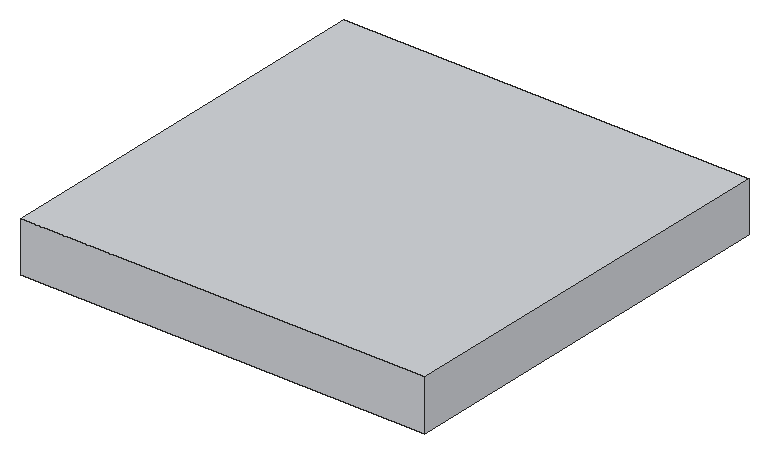
Revit family "CS4K-00X9AZOU05", category Luminarias, Revit 2019
Family settings
  Anfitrión = Cara
  Cota de conector redondo = Diámetro de uso
  Tipo de pieza = Normal
  Número OmniClass = 23.80.70.00
  Título OmniClass = Lighting
  Corte con vacíos al cargar = No
  Origen de luz = No
  Compartido = Sí
  Punto de cálculo de habitación = No
Parameters (values of type "CS4K-00X9AZOU05")
  Versión = "v1"
  Vatios (W) = 52
  Tipo de regulación = "ON-OFF"
  Tipo = "Pendant"
  Tender text (English) = "LEDS C4 Circular Downward ø900 Surface CS4K-00X9AZOU05  Pendant for indoor use.   For downlighting. Structure material: Aluminium. Structure finish: Black. Diffuser material: Polycarbonate. Diffuser finish: Opal. Warranty: 5 Years.  Product net weight (Kg): 5 Product width or diameter (mm): 900 Product height (mm): 3000  Class 1. IP: IP20. LED. No. of lampholders or LEDs: 1. Driver brand: MEANWELL. Maximum power of light source: 45.6W. Colour temperature: 4000K. Colour rendering index: 90. MacAdam Steps: 3. Hours of life: 50.000h L80B20. UGR: 12.1. Photobiological risk: RG0. Real flux (lm): 1748. Real lm/W: 34. Voltage / frequency range: 90-305/50-60Hz. Voltage: 3. Equipment included: Yes. Total power: 52. Power factor: 0.90. Dimmable equipment included: ON-OFF."
  Tender text (Castellano) = "LEDS C4 Circular Downward ø900 Surface CS4K-00X9AZOU05  Pendant for indoor use.   For downlighting. Structure material: Aluminium. Structure finish: Black. Diffuser material: Polycarbonate. Diffuser finish: Opal. Warranty: 5 Years.  Product net weight (Kg): 5 Product width or diameter (mm): 900 Product height (mm): 3000  Class 1. IP: IP20. LED. No. of lampholders or LEDs: 1. Driver brand: MEANWELL. Maximum power of light source: 45.6W. Colour temperature: 4000K. Colour rendering index: 90. MacAdam Steps: 3. Hours of life: 50.000h L80B20. UGR: 12.1. Photobiological risk: RG0. Real flux (lm): 1748. Real lm/W: 34. Voltage / frequency range: 90-305/50-60Hz. Voltage: 3. Equipment included: Yes. Total power: 52. Power factor: 0.90. Dimmable equipment included: ON-OFF."
  Temperatura color led (K) = "LED neutral-white 4000K"
  Referencia = "CS4K-00X9AZOU05"
  Rayo de luz = "SPOT"
  Producto descatalogado = "Catalogado EN"
  Pluma comercial = ""
  Peso neto (KG) = 5
  Material = "Aluminium, Polycarbonate"
  Lumenes reales (lm) = 1748
  LDT = "https://files.leds-c4.com/ldt/CS4K-00X9AZOU05.html"
  Imagen web = "https://files.leds-c4.com/main-photo/CS4K-00X9AZOU05"
  IfcExportType = "NOTDEFINED"
  IfcExportAs = "IfcLightFixture\r\nIfcLightFixture"
  IP = "IP20"
  IMC = "https://files.leds-c4.com/imc/CS4K-00X9AZOU05.html"
  IK = ""
  Fuente de luz = ""
  Fotometría = "https://files.leds-c4.com/fm/CS4K-00X9AZOU05.html"
  Ficha = "https://files.leds-c4.com/ft/en/CS4K-00X9AZOU05.html"
  FechaVersion = "Creada: 23/12/2022"
  Familia = "Circular Downward ø900 Surface"
  Fabricante = "LEDS C4"  # constant formula
  Etiqueta V/f = "100-240V/50-60Hz"
  Elevación por defecto = 1000 mm
  Eficiencia energética = "G"
  EAN13 = "8435575378896"
  DescripcionUniformat2010 = "Lighting"
  DescripcionUniclass2015 = "Lighting"
  DescripcionOmniclass = "Lighting"
  DescripcionGubimclass = "Iluminación interior"
  CodigoUniformat2010 = "D5040"
  CodigoUniclass2015 = "EF_70_80"
  CodigoOmniclass = "21-04 50 40"
  CodigoGubimclass = "50.60.50.20"
  Catálogo = "Decorative"
  Carga aparente = 0 VA
  CRI = 90
  Acabado = "Black, Opal"
Reference planes
  plane 1 "Centro (Frontal/Posterior)": y = 0
  plane 2: z = 0
  plane 3 "Centro (Izquierda/Derecha)": x = 0
  plane 4 "Elevación de origen de luz": z = 0
  plane 5 "Eje de origen de luz (F/P)": y = 0
  plane 6 "Eje de origen de luz (I/D)": x = 0
Forms (mm)
  Extrusion 1, solid
    sketch origin (0, 0, 0) x (1, 0, 0) y (0, 1, 0)
      loop
        line (-1219.2, 1219.2) -> (-1219.2, -1219.2) -> (1219.2, -1219.2) -> (1219.2, 1219.2) -> (-1219.2, 1219.2)
    from 0 to -304.8
Dimensions and locks
  aligned and locked: plane 2 to Extrusion 1
  aligned and locked: level to Extrusion 1
Connectors
  electrical at (0, 0, 0)
    settings: on Extrusion 1, index 1, voltage 0 V, apparent load 0 VA, apparent load phase1 0 VA, apparent load phase2 0 VA, apparent load phase3 0 VA, power factor 1, load classification "Otro", number of poles 1, system type 31, power factor state 1, is connector primary yes, connector utility no, sub classification motor no, connector description ""
